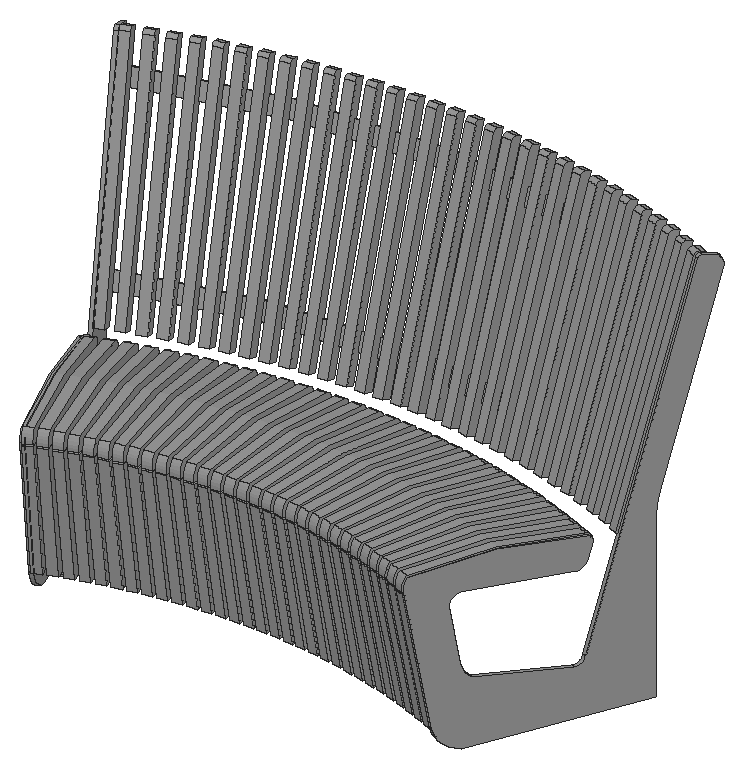
Revit family "Скамейка стальная полукруглая «Авиньон» Арт 15497", category Антураж, Revit 2018
Family settings
  На основе рабочей плоскости = Нет
  Всегда вертикально = Да
  При загрузке вырезать с полостями = Нет
  Источник визуального образа = Геометрия семейства
  Общий = Нет
  Точка расчета площади = Нет
Parameters (values of type "Версия 1,56 м")
  Ширина = 740 mm  # constant formula
  Цвет опоры = Сталь
  Цвет лавки = Дерево
  Описание = if([Версия 1,56 м], "Скамейка стальная полукруглая «Авиньон». Версия 1,56 м", "Скамейка стальная полукруглая «Авиньон». Версия 2,92 м")  # "Скамейка стальная полукруглая «Авиньон». Версия 1,56 м"
  Материал изделия = "Сталь, дерево"  # constant formula
  Изображение типоразмера = Скамейка стальная полукруглая «Авиньон» Арт 15497.jpg
  Изготовитель = "ООО «Хоббика»"  # constant formula
  Длина = if([Версия 1,56 м], 1560 mm, 2920 mm)  # 1560 mm
  Группа модели = "Скамейки"  # constant formula
  Высота = 1000 mm  # constant formula
  Версия 2,92 м = not([Версия 1,56 м])  # no
  Версия 1,56 м = yes
  Артикул товара = "Арт. 15497"  # constant formula
  URL = "https://hobbyka.ru/product/skameyka_so_spinkoy_avinon_polukruglaya/"
Types (3, lengths in mm): name | Описание | Длина | Версия 2,92 м | Версия 1,56 м
  (no name) | "Скамейка стальная полукруглая «Авиньон». Версия 1,56 м" | 1560 | no | yes
  Версия 1,56 м | "Скамейка стальная полукруглая «Авиньон». Версия 1,56 м" | 1560 | no | yes
  Версия 2,92 м | "Скамейка стальная полукруглая «Авиньон». Версия 2,92 м" | 2920 | yes | no
Reference planes
  plane 1 "По центру (Вперед/Назад)": y = 0
  plane 2: z = 0
  plane 3 "По центру (Влево/Вправо)": x = 0
  plane 4: x = 1560
  plane 5: through (-3.492, 517.005, 1200) normal (-0.7071, 0.7071, 0)
  plane 6: through (526.021, 0, 1200) normal (-0.7071, 0.7071, 0)
  plane 7: through (147.058, 0, 1200) normal (-0.3824, 0.924, 0)
  plane 8: through (0, 740, 1200) normal (-0.3824, 0.924, 0)
  plane 9: z = 1000
Dimensions and locks
  "Ширина": plane 8 to plane 7
  "Ширина": plane 5 to plane 6
  "Длина": plane 3 "По центру (Влево/Вправо)" to plane 4
  "Высота": plane 9 to plane 2
  aligned and locked: level to plane 2
Nested families
  nested 1: "Скамейка стальная полукруглая «Авиньон» Арт 15497 1,56" at (0, 0, 0), visible <- "Версия 1,56 м", type "Скамейка стальная полукруглая «Авиньон» Арт 15497 1,56"
  nested 2: "Скамейка стальная полукруглая «Авиньон» Арт 15497 2,92rfa" at (0, 0, 0), visible <- "Версия 2,92 м", type "Скамейка стальная полукруглая «Авиньон» Арт 15497 2,92rfa"
Definition of nested family "Скамейка стальная полукруглая «Авиньон» Арт 15497 1,56"
  Parameters (values of type "Скамейка стальная полукруглая «Авиньон» Арт 15497 1,56")
    Ширина = 740 mm
    Цвет опоры = none
    Цвет лавки = none
    Длина = 1560 mm
    Height = 1000 mm
  Reference planes
    plane 1 "По центру (Вперед/Назад)": y = 0
    plane 2: z = 0
    plane 3 "По центру (Влево/Вправо)": x = 0
    plane 4: x = 1560
    plane 5: y = 740
    plane 6: z = 1000
    plane 7: through (9.24, 743.824, 1200) normal (0.3824, -0.924, 0)
    plane 8: through (284.693, 56.953, 1200) normal (0.3824, -0.924, 0)
  Forms (mm)
    Sweep 1, solid, material <- "Цвет опоры"
      path origin (0, 0, 0) x (1, 0, 0) y (0, 1, 0)
        loop
          arc (1532.955, 700.795) -> (780, 844.836) -> (27.045, 700.795) r 2040
      profile origin (780, 844.836, 0) x (0, -1, 0) y (0, 0, 1)
        loop
          line (4.218, 910.441) -> (17.375, 867.407) -> (22.156, 868.869) -> (8.999, 911.903) -> (4.218, 910.441)
        loop
          line (128.465, 504.008) -> (141.622, 460.975) -> (146.403, 462.436) -> (133.247, 505.47) -> (128.465, 504.008)
  Dimensions and locks
    "Длина": plane 3 "По центру (Влево/Вправо)" to plane 4
    "Height": plane 6 to plane 2
    "Ширина": plane 8 to plane 7
    aligned and locked: level to plane 2
  Automatic sketch dimensions
    plane 1 "По центру (Вперед/Назад)" to Sweep 1 sketch curve = 1195.164 mm
    plane 3 "По центру (Влево/Вправо)" to Sweep 1 sketch curve = 27.045 mm
    Sweep 1 sketch curve to plane 4 = 27.045 mm
    Sweep 1 sketch curve to plane 5 = 39.205 mm
    plane 3 "По центру (Влево/Вправо)" to Sweep 1 sketch curve = 780 mm
    Sweep 1 sketch curve to profile plane = 4.218 mm
    Sweep 1 sketch curve to Sweep 1 sketch curve = 4.782 mm  (x2)
    Sweep 1 sketch curve to profile plane = 17.375 mm
    Sweep 1 sketch curve to profile plane = 128.465 mm
    Sweep 1 sketch curve to Sweep 1 sketch curve = 13.157 mm
    level to Sweep 1 sketch curve = 460.975 mm
    Sweep 1 sketch curve to Sweep 1 sketch curve = 1.462 mm  (x2)
    Sweep 1 sketch curve to Sweep 1 sketch curve = 363.399 mm
  Nested families
    nested 1: "Скамейка стальная полукруглая «Авиньон» Арт 15497 лавка" at (297.62, 62.295, 0) x (0.9286, 0.371, 0) z (0, 0, 1), type "Скамейка стальная полукруглая «Авиньон» Арт 15497 лавка"
    nested 2: "Скамейка стальная полукруглая «Авиньон» Арт 15497 опора" at (287.561, 58.14, 0) x (0.924, 0.3824, 0) z (0, 0, 1), type "Боковая опора"
    nested 3: "Скамейка стальная полукруглая «Авиньон» Арт 15497 опора" at (1272.439, 58.14, 0) x (-0.924, 0.3824, 0) z (0, 0, 1), type "Боковая опора"
    nested 4: "Скамейка стальная полукруглая «Авиньон» Арт 15497 лавка" at (1262.38, 62.295, 0) x (0.9286, -0.371, 0) z (0, 0, 1), type "Скамейка стальная полукруглая «Авиньон» Арт 15497 лавка"
    nested 5: "Скамейка стальная полукруглая «Авиньон» Арт 15497 лавка" at (328.366, 74.13, 0) x (0.9377, 0.3474, 0) z (0, 0, 1), type "Скамейка стальная полукруглая «Авиньон» Арт 15497 лавка"
    nested 6: "Скамейка стальная полукруглая «Авиньон» Арт 15497 лавка" at (359.403, 85.182, 0) x (0.9462, 0.3235, 0) z (0, 0, 1), type "Скамейка стальная полукруглая «Авиньон» Арт 15497 лавка"
    nested 7: "Скамейка стальная полукруглая «Авиньон» Арт 15497 лавка" at (390.709, 95.445, 0) x (0.9541, 0.2994, 0) z (0, 0, 1), type "Скамейка стальная полукруглая «Авиньон» Арт 15497 лавка"
    nested 8: "Скамейка стальная полукруглая «Авиньон» Арт 15497 лавка" at (422.265, 104.911, 0) x (0.9614, 0.2752, 0) z (0, 0, 1), type "Скамейка стальная полукруглая «Авиньон» Арт 15497 лавка"
    nested 9: "Скамейка стальная полукруглая «Авиньон» Арт 15497 лавка" at (454.051, 113.574, 0) x (0.9681, 0.2507, 0) z (0, 0, 1), type "Скамейка стальная полукруглая «Авиньон» Арт 15497 лавка"
    nested 10: "Скамейка стальная полукруглая «Авиньон» Арт 15497 лавка" at (486.047, 121.429, 0) x (0.9741, 0.2261, 0) z (0, 0, 1), type "Скамейка стальная полукруглая «Авиньон» Арт 15497 лавка"
    nested 11: "Скамейка стальная полукруглая «Авиньон» Арт 15497 лавка" at (518.231, 128.471, 0) x (0.9795, 0.2013, 0) z (0, 0, 1), type "Скамейка стальная полукруглая «Авиньон» Арт 15497 лавка"
    nested 12: "Скамейка стальная полукруглая «Авиньон» Арт 15497 лавка" at (550.583, 134.695, 0) x (0.9843, 0.1765, 0) z (0, 0, 1), type "Скамейка стальная полукруглая «Авиньон» Арт 15497 лавка"
    nested 13: "Скамейка стальная полукруглая «Авиньон» Арт 15497 лавка" at (583.083, 140.097, 0) x (0.9885, 0.1515, 0) z (0, 0, 1), type "Скамейка стальная полукруглая «Авиньон» Арт 15497 лавка"
    nested 14: "Скамейка стальная полукруглая «Авиньон» Арт 15497 лавка" at (615.709, 144.674, 0) x (0.992, 0.1264, 0) z (0, 0, 1), type "Скамейка стальная полукруглая «Авиньон» Арт 15497 лавка"
    nested 15: "Скамейка стальная полукруглая «Авиньон» Арт 15497 лавка" at (648.44, 148.423, 0) x (0.9949, 0.1012, 0) z (0, 0, 1), type "Скамейка стальная полукруглая «Авиньон» Арт 15497 лавка"
    nested 16: "Скамейка стальная полукруглая «Авиньон» Арт 15497 лавка" at (681.256, 151.342, 0) x (0.9971, 0.076, 0) z (0, 0, 1), type "Скамейка стальная полукруглая «Авиньон» Арт 15497 лавка"
    nested 17: "Скамейка стальная полукруглая «Авиньон» Арт 15497 лавка" at (714.135, 153.427, 0) x (0.9987, 0.0507, 0) z (0, 0, 1), type "Скамейка стальная полукруглая «Авиньон» Арт 15497 лавка"
    nested 18: "Скамейка стальная полукруглая «Авиньон» Арт 15497 лавка" at (747.057, 154.679, 0) x (0.9997, 0.0253, 0) z (0, 0, 1), type "Скамейка стальная полукруглая «Авиньон» Арт 15497 лавка"
    nested 19: "Скамейка стальная полукруглая «Авиньон» Арт 15497 лавка" at (780, 155.097, 0), type "Скамейка стальная полукруглая «Авиньон» Арт 15497 лавка"
    nested 20: "Скамейка стальная полукруглая «Авиньон» Арт 15497 лавка" at (812.943, 154.679, 0) x (0.9997, -0.0253, 0) z (0, 0, 1), type "Скамейка стальная полукруглая «Авиньон» Арт 15497 лавка"
    nested 21: "Скамейка стальная полукруглая «Авиньон» Арт 15497 лавка" at (845.865, 153.427, 0) x (0.9987, -0.0507, 0) z (0, 0, 1), type "Скамейка стальная полукруглая «Авиньон» Арт 15497 лавка"
    nested 22: "Скамейка стальная полукруглая «Авиньон» Арт 15497 лавка" at (878.744, 151.342, 0) x (0.9971, -0.076, 0) z (0, 0, 1), type "Скамейка стальная полукруглая «Авиньон» Арт 15497 лавка"
    nested 23: "Скамейка стальная полукруглая «Авиньон» Арт 15497 лавка" at (911.56, 148.423, 0) x (0.9949, -0.1012, 0) z (0, 0, 1), type "Скамейка стальная полукруглая «Авиньон» Арт 15497 лавка"
    nested 24: "Скамейка стальная полукруглая «Авиньон» Арт 15497 лавка" at (944.291, 144.674, 0) x (0.992, -0.1264, 0) z (0, 0, 1), type "Скамейка стальная полукруглая «Авиньон» Арт 15497 лавка"
    nested 25: "Скамейка стальная полукруглая «Авиньон» Арт 15497 лавка" at (976.917, 140.097, 0) x (0.9885, -0.1515, 0) z (0, 0, 1), type "Скамейка стальная полукруглая «Авиньон» Арт 15497 лавка"
    nested 26: "Скамейка стальная полукруглая «Авиньон» Арт 15497 лавка" at (1009.417, 134.695, 0) x (0.9843, -0.1765, 0) z (0, 0, 1), type "Скамейка стальная полукруглая «Авиньон» Арт 15497 лавка"
    nested 27: "Скамейка стальная полукруглая «Авиньон» Арт 15497 лавка" at (1041.769, 128.471, 0) x (0.9795, -0.2013, 0) z (0, 0, 1), type "Скамейка стальная полукруглая «Авиньон» Арт 15497 лавка"
    nested 28: "Скамейка стальная полукруглая «Авиньон» Арт 15497 лавка" at (1073.953, 121.429, 0) x (0.9741, -0.2261, 0) z (0, 0, 1), type "Скамейка стальная полукруглая «Авиньон» Арт 15497 лавка"
    nested 29: "Скамейка стальная полукруглая «Авиньон» Арт 15497 лавка" at (1105.949, 113.574, 0) x (0.9681, -0.2507, 0) z (0, 0, 1), type "Скамейка стальная полукруглая «Авиньон» Арт 15497 лавка"
    nested 30: "Скамейка стальная полукруглая «Авиньон» Арт 15497 лавка" at (1137.735, 104.911, 0) x (0.9614, -0.2752, 0) z (0, 0, 1), type "Скамейка стальная полукруглая «Авиньон» Арт 15497 лавка"
    nested 31: "Скамейка стальная полукруглая «Авиньон» Арт 15497 лавка" at (1169.291, 95.445, 0) x (0.9541, -0.2994, 0) z (0, 0, 1), type "Скамейка стальная полукруглая «Авиньон» Арт 15497 лавка"
    nested 32: "Скамейка стальная полукруглая «Авиньон» Арт 15497 лавка" at (1200.597, 85.182, 0) x (0.9462, -0.3235, 0) z (0, 0, 1), type "Скамейка стальная полукруглая «Авиньон» Арт 15497 лавка"
    nested 33: "Скамейка стальная полукруглая «Авиньон» Арт 15497 лавка" at (1231.634, 74.13, 0) x (0.9377, -0.3474, 0) z (0, 0, 1), type "Скамейка стальная полукруглая «Авиньон» Арт 15497 лавка"
  Definition of nested family "Скамейка стальная полукруглая «Авиньон» Арт 15497 лавка"
    Parameters (values of type "Скамейка стальная полукруглая «Авиньон» Арт 15497 лавка")
      Цвет лавки = none
      Средняя опора = yes
      Height = 0 mm
    Reference planes
      plane 1 "По центру (Вперед/Назад)": y = 0
      plane 2: z = 0
      plane 3 "По центру (Влево/Вправо)": x = 0
      plane 4: y = 740
      plane 5: z = 1000
    Forms (mm)
      Extrusion 1, solid, material <- "Цвет лавки"
        sketch origin (0, 0, 0) x (0, 1, 0) y (0, 0, 1)
          loop
            line (678.311, 993.337) -> (496.814, 399.69) -> (520.884, 392.331) -> (705.277, 995.455) -> (690.933, 999.84)
            arc (690.933, 999.84) -> (683.544, 998.68) -> (678.311, 993.337) r 11.889
          loop
            arc (426.869, 418.689) -> (218.4, 444.329) -> (8.61, 434.079) r 1228.4
            arc (8.61, 434.079) -> (-0.886, 417.506) -> (-1.754, 398.424) r 40.606
            line (-1.754, 398.424) -> (23.714, 398.424) -> (22.787, 403.194)
            arc (22.787, 403.194) -> (22.522, 407.007) -> (23.193, 410.77) r 15.606
            arc (23.193, 410.77) -> (230.724, 418.786) -> (436.542, 391) r 1203.4
            arc (436.542, 391) -> (439.511, 407.571) -> (426.869, 418.689) r 17.14
          loop
            line (-0.782, 393.424) -> (63.475, 62.851) -> (88.016, 67.621) -> (24.686, 393.424) -> (-0.782, 393.424)
        from -12.5 to 12.5
    Dimensions and locks
      aligned and locked: level to plane 2
  Definition of nested family "Скамейка стальная полукруглая «Авиньон» Арт 15497 опора"
    Parameters (values of type "Боковая опора")
      Цвет опоры = none
      Средняя опора = no
      Height = 0 mm
      Боковая опора = yes
    Types (2, lengths in mm): name | Средняя опора | Боковая опора
      Боковая опора | no | yes
      Средняя опора | yes | no
    Reference planes
      plane 1 "По центру (Вперед/Назад)": y = 0
      plane 2: z = 0
      plane 3 "По центру (Влево/Вправо)": x = 0
      plane 4: y = 740
      plane 5: z = 1000
    Forms (mm)
      Extrusion 1, solid, material <- "Цвет опоры"
        sketch origin (0, 0, 0) x (0, 1, 0) y (0, 0, 1)
          loop
            arc (738.679, 955.127) -> (738.97, 971.792) -> (730.385, 986.079) r 30.235
            line (730.385, 986.079) -> (693.433, 997.376)
            arc (693.433, 997.376) -> (686.044, 996.216) -> (680.811, 990.873) r 11.889
            line (680.811, 990.873) -> (420.563, 139.641)
            arc (420.563, 139.641) -> (412.761, 123.804) -> (395.675, 119.356) r 21.213
            line (395.675, 119.356) -> (159.428, 161.012)
            arc (159.428, 161.012) -> (140.659, 178.515) -> (130.631, 202.139) r 61.718
            line (130.631, 202.139) -> (104.173, 338.254)
            arc (104.173, 338.254) -> (113.199, 357.895) -> (133.454, 365.443) r 28.314
            arc (133.454, 365.443) -> (265.752, 357.352) -> (397.446, 342.347) r 2531.72
            arc (397.446, 342.347) -> (415.686, 346.391) -> (426.799, 361.41) r 26.674
            line (426.799, 361.41) -> (437.825, 399.86)
            arc (437.825, 399.86) -> (435.322, 410.316) -> (426.353, 416.243) r 14.64
            arc (426.353, 416.243) -> (218.757, 441.814) -> (9.835, 431.722) r 1225.9
            arc (9.835, 431.722) -> (1.395, 416.389) -> (0.7, 398.901) r 38.106
            line (0.7, 398.901) -> (65.929, 63.328)
            arc (65.929, 63.328) -> (97.787, 17.58) -> (150.69, 0) r 88.388
            line (150.69, 0) -> (584.723, 0) -> (584.723, 422.383)
            arc (584.723, 422.383) -> (588.693, 457.223) -> (596.879, 491.319) r 287.193
            line (596.879, 491.319) -> (738.679, 955.127)
        from -5 to 5
      Extrusion 2, solid, material <- "Цвет опоры", visible <- "Боковая опора"
        sketch origin (-5, 0, 0) x (1, 0, 0) y (0, 1, 0)
          loop
            line (10, 584.723) -> (10, 175.69) -> (60, 175.69) -> (60, 584.723) -> (10, 584.723)
        from 0 to 5
      Extrusion 3, solid, material <- "Цвет опоры", visible <- "Средняя опора"
        sketch origin (0, 0, 0) x (1, 0, 0) y (0, 1, 0)
          loop
            line (-25, 584.723) -> (-25, 175.69) -> (25, 175.69) -> (25, 584.723) -> (-25, 584.723)
        from 0 to 5
    Dimensions and locks
      aligned and locked: level to plane 2
Definition of nested family "Скамейка стальная полукруглая «Авиньон» Арт 15497 2,92rfa"
  Parameters (values of type "Скамейка стальная полукруглая «Авиньон» Арт 15497 2,92rfa")
    Ширина = 740 mm
    Цвет опоры = none
    Цвет лавки = none
    Длина = 2920 mm
    Height = 1000 mm
  Reference planes
    plane 1 "По центру (Вперед/Назад)": y = 0
    plane 2: z = 0
    plane 3 "По центру (Влево/Вправо)": x = 0
    plane 4: x = 2920
    plane 5: y = 740
    plane 6: z = 1000
    plane 7: through (3.492, 523.989, 1200) normal (0.7071, -0.7071, 0)
    plane 8: through (529.604, 3.583, 1200) normal (0.7071, -0.7071, 0)
  Forms (mm)
    Sweep 1, solid, material <- "Цвет опоры"
      path origin (0, 0, 0) x (1, 0, 0) y (0, 1, 0)
        loop
          arc (36.82, 491.465) -> (1460, 1089.063) -> (2883.18, 491.465) r 1993.453
      profile origin (1460, 1089.063, 0) x (0, 1, 0) y (0, 0, 1)
        loop
          line (-7.818, 910.441) -> (-12.599, 911.903) -> (-25.756, 868.869) -> (-20.975, 867.407) -> (-7.818, 910.441)
        loop
          line (-132.065, 504.008) -> (-136.847, 505.47) -> (-150.003, 462.436) -> (-145.222, 460.975) -> (-132.065, 504.008)
  Dimensions and locks
    "Длина": plane 3 "По центру (Влево/Вправо)" to plane 4
    "Height": plane 6 to plane 2
    "Ширина": plane 8 to plane 7
    aligned and locked: level to plane 2
  Automatic sketch dimensions
    profile plane to Sweep 1 sketch curve = 150.003 mm
    Sweep 1 sketch curve to Sweep 1 sketch curve = 4.782 mm  (x2)
    Sweep 1 sketch curve to Sweep 1 sketch curve = 13.157 mm  (x2)
    profile plane to Sweep 1 sketch curve = 25.756 mm
    level to Sweep 1 sketch curve = 460.975 mm
    Sweep 1 sketch curve to Sweep 1 sketch curve = 1.462 mm  (x2)
    Sweep 1 sketch curve to Sweep 1 sketch curve = 363.399 mm
    plane 3 "По центру (Влево/Вправо)" to Sweep 1 sketch curve = 36.82 mm
    Sweep 1 sketch curve to plane 4 = 36.82 mm
    Sweep 1 sketch curve to plane 5 = 248.535 mm
    plane 1 "По центру (Вперед/Назад)" to Sweep 1 sketch curve = 904.391 mm
    plane 3 "По центру (Влево/Вправо)" to Sweep 1 sketch curve = 1460 mm
  Nested families
    nested 1: "Скамейка стальная полукруглая «Авиньон» Арт 15497 лавка" at (542.354, 16.558, 0) x (0.7084, 0.7058, 0) z (0, 0, 1), type "Скамейка стальная полукруглая «Авиньон» Арт 15497 лавка"
    nested 2: "Скамейка стальная полукруглая «Авиньон» Арт 15497 опора" at (529.608, 3.578, 0) x (0.6984, 0.7157, 0) z (0, 0, 1), type "Боковая опора"
    nested 3: "Скамейка стальная полукруглая «Авиньон» Арт 15497 опора" at (2390.392, 3.578, 0) x (-0.6984, 0.7157, 0) z (0, 0, 1), type "Боковая опора"
    nested 4: "Скамейка стальная полукруглая «Авиньон» Арт 15497 опора" at (1460, 395.63, 0), type "Средняя опора"
    nested 5: "Скамейка стальная полукруглая «Авиньон» Арт 15497 лавка" at (2377.646, 16.558, 0) x (0.7084, -0.7058, 0) z (0, 0, 1), type "Скамейка стальная полукруглая «Авиньон» Арт 15497 лавка"
    nested 6: "Скамейка стальная полукруглая «Авиньон» Арт 15497 лавка" at (568.019, 41.437, 0) x (0.7275, 0.6861, 0) z (0, 0, 1), type "Скамейка стальная полукруглая «Авиньон» Арт 15497 лавка"
    nested 7: "Скамейка стальная полукруглая «Авиньон» Арт 15497 лавка" at (594.358, 65.602, 0) x (0.7461, 0.6658, 0) z (0, 0, 1), type "Скамейка стальная полукруглая «Авиньон» Арт 15497 лавка"
    nested 8: "Скамейка стальная полукруглая «Авиньон» Арт 15497 лавка" at (621.351, 89.033, 0) x (0.7641, 0.6451, 0) z (0, 0, 1), type "Скамейка стальная полукруглая «Авиньон» Арт 15497 лавка"
    nested 9: "Скамейка стальная полукруглая «Авиньон» Арт 15497 лавка" at (648.979, 111.714, 0) x (0.7816, 0.6238, 0) z (0, 0, 1), type "Скамейка стальная полукруглая «Авиньон» Арт 15497 лавка"
    nested 10: "Скамейка стальная полукруглая «Авиньон» Арт 15497 лавка" at (677.219, 133.626, 0) x (0.7984, 0.6021, 0) z (0, 0, 1), type "Скамейка стальная полукруглая «Авиньон» Арт 15497 лавка"
    nested 11: "Скамейка стальная полукруглая «Авиньон» Арт 15497 лавка" at (706.051, 154.754, 0) x (0.8147, 0.5799, 0) z (0, 0, 1), type "Скамейка стальная полукруглая «Авиньон» Арт 15497 лавка"
    nested 12: "Скамейка стальная полукруглая «Авиньон» Арт 15497 лавка" at (735.453, 175.081, 0) x (0.8303, 0.5573, 0) z (0, 0, 1), type "Скамейка стальная полукруглая «Авиньон» Арт 15497 лавка"
    nested 13: "Скамейка стальная полукруглая «Авиньон» Арт 15497 лавка" at (765.403, 194.592, 0) x (0.8453, 0.5343, 0) z (0, 0, 1), type "Скамейка стальная полукруглая «Авиньон» Арт 15497 лавка"
    nested 14: "Скамейка стальная полукруглая «Авиньон» Арт 15497 лавка" at (795.878, 213.272, 0) x (0.8597, 0.5108, 0) z (0, 0, 1), type "Скамейка стальная полукруглая «Авиньон» Арт 15497 лавка"
    nested 15: "Скамейка стальная полукруглая «Авиньон» Арт 15497 лавка" at (826.855, 231.108, 0) x (0.8734, 0.487, 0) z (0, 0, 1), type "Скамейка стальная полукруглая «Авиньон» Арт 15497 лавка"
    nested 16: "Скамейка стальная полукруглая «Авиньон» Арт 15497 лавка" at (858.311, 248.085, 0) x (0.8865, 0.4628, 0) z (0, 0, 1), type "Скамейка стальная полукруглая «Авиньон» Арт 15497 лавка"
    nested 17: "Скамейка стальная полукруглая «Авиньон» Арт 15497 лавка" at (890.221, 264.191, 0) x (0.8988, 0.4383, 0) z (0, 0, 1), type "Скамейка стальная полукруглая «Авиньон» Арт 15497 лавка"
    nested 18: "Скамейка стальная полукруглая «Авиньон» Арт 15497 лавка" at (922.562, 279.413, 0) x (0.9106, 0.4134, 0) z (0, 0, 1), type "Скамейка стальная полукруглая «Авиньон» Арт 15497 лавка"
    nested 19: "Скамейка стальная полукруглая «Авиньон» Арт 15497 лавка" at (955.31, 293.741, 0) x (0.9216, 0.3882, 0) z (0, 0, 1), type "Скамейка стальная полукруглая «Авиньон» Арт 15497 лавка"
    nested 20: "Скамейка стальная полукруглая «Авиньон» Арт 15497 лавка" at (988.438, 307.163, 0) x (0.9319, 0.3627, 0) z (0, 0, 1), type "Скамейка стальная полукруглая «Авиньон» Арт 15497 лавка"
    nested 21: "Скамейка стальная полукруглая «Авиньон» Арт 15497 лавка" at (1021.924, 319.669, 0) x (0.9415, 0.337, 0) z (0, 0, 1), type "Скамейка стальная полукруглая «Авиньон» Арт 15497 лавка"
    nested 22: "Скамейка стальная полукруглая «Авиньон» Арт 15497 лавка" at (1055.74, 331.25, 0) x (0.9504, 0.311, 0) z (0, 0, 1), type "Скамейка стальная полукруглая «Авиньон» Арт 15497 лавка"
    nested 23: "Скамейка стальная полукруглая «Авиньон» Арт 15497 лавка" at (1089.862, 341.896, 0) x (0.9586, 0.2847, 0) z (0, 0, 1), type "Скамейка стальная полукруглая «Авиньон» Арт 15497 лавка"
    nested 24: "Скамейка стальная полукруглая «Авиньон» Арт 15497 лавка" at (1124.264, 351.601, 0) x (0.9661, 0.2582, 0) z (0, 0, 1), type "Скамейка стальная полукруглая «Авиньон» Арт 15497 лавка"
    nested 25: "Скамейка стальная полукруглая «Авиньон» Арт 15497 лавка" at (1158.92, 360.356, 0) x (0.9728, 0.2316, 0) z (0, 0, 1), type "Скамейка стальная полукруглая «Авиньон» Арт 15497 лавка"
    nested 26: "Скамейка стальная полукруглая «Авиньон» Арт 15497 лавка" at (1193.803, 368.155, 0) x (0.9788, 0.2048, 0) z (0, 0, 1), type "Скамейка стальная полукруглая «Авиньон» Арт 15497 лавка"
    nested 27: "Скамейка стальная полукруглая «Авиньон» Арт 15497 лавка" at (1228.888, 374.993, 0) x (0.9841, 0.1778, 0) z (0, 0, 1), type "Скамейка стальная полукруглая «Авиньон» Арт 15497 лавка"
    nested 28: "Скамейка стальная полукруглая «Авиньон» Арт 15497 лавка" at (1264.147, 380.863, 0) x (0.9886, 0.1506, 0) z (0, 0, 1), type "Скамейка стальная полукруглая «Авиньон» Арт 15497 лавка"
    nested 29: "Скамейка стальная полукруглая «Авиньон» Арт 15497 лавка" at (1299.555, 385.761, 0) x (0.9924, 0.1234, 0) z (0, 0, 1), type "Скамейка стальная полукруглая «Авиньон» Арт 15497 лавка"
    nested 30: "Скамейка стальная полукруглая «Авиньон» Арт 15497 лавка" at (1335.083, 389.685, 0) x (0.9954, 0.0961, 0) z (0, 0, 1), type "Скамейка стальная полукруглая «Авиньон» Арт 15497 лавка"
    nested 31: "Скамейка стальная полукруглая «Авиньон» Арт 15497 лавка" at (1370.706, 392.63, 0) x (0.9976, 0.0687, 0) z (0, 0, 1), type "Скамейка стальная полукруглая «Авиньон» Арт 15497 лавка"
    nested 32: "Скамейка стальная полукруглая «Авиньон» Арт 15497 лавка" at (1406.397, 394.594, 0) x (0.9991, 0.0412, 0) z (0, 0, 1), type "Скамейка стальная полукруглая «Авиньон» Арт 15497 лавка"
    nested 33: "Скамейка стальная полукруглая «Авиньон» Арт 15497 лавка" at (1442.128, 395.577, 0) x (0.9999, 0.0137, 0) z (0, 0, 1), type "Скамейка стальная полукруглая «Авиньон» Арт 15497 лавка"
    nested 34: "Скамейка стальная полукруглая «Авиньон» Арт 15497 лавка" at (1477.872, 395.577, 0) x (0.9999, -0.0137, 0) z (0, 0, 1), type "Скамейка стальная полукруглая «Авиньон» Арт 15497 лавка"
    nested 35: "Скамейка стальная полукруглая «Авиньон» Арт 15497 лавка" at (1513.603, 394.594, 0) x (0.9991, -0.0412, 0) z (0, 0, 1), type "Скамейка стальная полукруглая «Авиньон» Арт 15497 лавка"
    nested 36: "Скамейка стальная полукруглая «Авиньон» Арт 15497 лавка" at (1549.294, 392.63, 0) x (0.9976, -0.0687, 0) z (0, 0, 1), type "Скамейка стальная полукруглая «Авиньон» Арт 15497 лавка"
    nested 37: "Скамейка стальная полукруглая «Авиньон» Арт 15497 лавка" at (1584.917, 389.685, 0) x (0.9954, -0.0961, 0) z (0, 0, 1), type "Скамейка стальная полукруглая «Авиньон» Арт 15497 лавка"
    nested 38: "Скамейка стальная полукруглая «Авиньон» Арт 15497 лавка" at (1620.445, 385.761, 0) x (0.9924, -0.1234, 0) z (0, 0, 1), type "Скамейка стальная полукруглая «Авиньон» Арт 15497 лавка"
    nested 39: "Скамейка стальная полукруглая «Авиньон» Арт 15497 лавка" at (1655.853, 380.863, 0) x (0.9886, -0.1506, 0) z (0, 0, 1), type "Скамейка стальная полукруглая «Авиньон» Арт 15497 лавка"
    nested 40: "Скамейка стальная полукруглая «Авиньон» Арт 15497 лавка" at (1691.112, 374.993, 0) x (0.9841, -0.1778, 0) z (0, 0, 1), type "Скамейка стальная полукруглая «Авиньон» Арт 15497 лавка"
    nested 41: "Скамейка стальная полукруглая «Авиньон» Арт 15497 лавка" at (1726.197, 368.155, 0) x (0.9788, -0.2048, 0) z (0, 0, 1), type "Скамейка стальная полукруглая «Авиньон» Арт 15497 лавка"
    nested 42: "Скамейка стальная полукруглая «Авиньон» Арт 15497 лавка" at (1761.08, 360.356, 0) x (0.9728, -0.2316, 0) z (0, 0, 1), type "Скамейка стальная полукруглая «Авиньон» Арт 15497 лавка"
    nested 43: "Скамейка стальная полукруглая «Авиньон» Арт 15497 лавка" at (1795.736, 351.601, 0) x (0.9661, -0.2582, 0) z (0, 0, 1), type "Скамейка стальная полукруглая «Авиньон» Арт 15497 лавка"
    nested 44: "Скамейка стальная полукруглая «Авиньон» Арт 15497 лавка" at (1830.138, 341.896, 0) x (0.9586, -0.2847, 0) z (0, 0, 1), type "Скамейка стальная полукруглая «Авиньон» Арт 15497 лавка"
    nested 45: "Скамейка стальная полукруглая «Авиньон» Арт 15497 лавка" at (1864.26, 331.25, 0) x (0.9504, -0.311, 0) z (0, 0, 1), type "Скамейка стальная полукруглая «Авиньон» Арт 15497 лавка"
    nested 46: "Скамейка стальная полукруглая «Авиньон» Арт 15497 лавка" at (1898.076, 319.669, 0) x (0.9415, -0.337, 0) z (0, 0, 1), type "Скамейка стальная полукруглая «Авиньон» Арт 15497 лавка"
    nested 47: "Скамейка стальная полукруглая «Авиньон» Арт 15497 лавка" at (1931.562, 307.163, 0) x (0.9319, -0.3627, 0) z (0, 0, 1), type "Скамейка стальная полукруглая «Авиньон» Арт 15497 лавка"
    nested 48: "Скамейка стальная полукруглая «Авиньон» Арт 15497 лавка" at (1964.69, 293.741, 0) x (0.9216, -0.3882, 0) z (0, 0, 1), type "Скамейка стальная полукруглая «Авиньон» Арт 15497 лавка"
    nested 49: "Скамейка стальная полукруглая «Авиньон» Арт 15497 лавка" at (1997.438, 279.413, 0) x (0.9106, -0.4134, 0) z (0, 0, 1), type "Скамейка стальная полукруглая «Авиньон» Арт 15497 лавка"
    nested 50: "Скамейка стальная полукруглая «Авиньон» Арт 15497 лавка" at (2029.779, 264.191, 0) x (0.8988, -0.4383, 0) z (0, 0, 1), type "Скамейка стальная полукруглая «Авиньон» Арт 15497 лавка"
    nested 51: "Скамейка стальная полукруглая «Авиньон» Арт 15497 лавка" at (2061.689, 248.085, 0) x (0.8865, -0.4628, 0) z (0, 0, 1), type "Скамейка стальная полукруглая «Авиньон» Арт 15497 лавка"
    nested 52: "Скамейка стальная полукруглая «Авиньон» Арт 15497 лавка" at (2093.145, 231.108, 0) x (0.8734, -0.487, 0) z (0, 0, 1), type "Скамейка стальная полукруглая «Авиньон» Арт 15497 лавка"
    nested 53: "Скамейка стальная полукруглая «Авиньон» Арт 15497 лавка" at (2124.122, 213.272, 0) x (0.8597, -0.5108, 0) z (0, 0, 1), type "Скамейка стальная полукруглая «Авиньон» Арт 15497 лавка"
    nested 54: "Скамейка стальная полукруглая «Авиньон» Арт 15497 лавка" at (2154.597, 194.592, 0) x (0.8453, -0.5343, 0) z (0, 0, 1), type "Скамейка стальная полукруглая «Авиньон» Арт 15497 лавка"
    nested 55: "Скамейка стальная полукруглая «Авиньон» Арт 15497 лавка" at (2184.547, 175.081, 0) x (0.8303, -0.5573, 0) z (0, 0, 1), type "Скамейка стальная полукруглая «Авиньон» Арт 15497 лавка"
    nested 56: "Скамейка стальная полукруглая «Авиньон» Арт 15497 лавка" at (2213.949, 154.754, 0) x (0.8147, -0.5799, 0) z (0, 0, 1), type "Скамейка стальная полукруглая «Авиньон» Арт 15497 лавка"
    nested 57: "Скамейка стальная полукруглая «Авиньон» Арт 15497 лавка" at (2242.781, 133.626, 0) x (0.7984, -0.6021, 0) z (0, 0, 1), type "Скамейка стальная полукруглая «Авиньон» Арт 15497 лавка"
    nested 58: "Скамейка стальная полукруглая «Авиньон» Арт 15497 лавка" at (2271.021, 111.714, 0) x (0.7816, -0.6238, 0) z (0, 0, 1), type "Скамейка стальная полукруглая «Авиньон» Арт 15497 лавка"
    nested 59: "Скамейка стальная полукруглая «Авиньон» Арт 15497 лавка" at (2298.649, 89.033, 0) x (0.7641, -0.6451, 0) z (0, 0, 1), type "Скамейка стальная полукруглая «Авиньон» Арт 15497 лавка"
    nested 60: "Скамейка стальная полукруглая «Авиньон» Арт 15497 лавка" at (2325.642, 65.602, 0) x (0.7461, -0.6658, 0) z (0, 0, 1), type "Скамейка стальная полукруглая «Авиньон» Арт 15497 лавка"
    nested 61: "Скамейка стальная полукруглая «Авиньон» Арт 15497 лавка" at (2351.981, 41.437, 0) x (0.7275, -0.6861, 0) z (0, 0, 1), type "Скамейка стальная полукруглая «Авиньон» Арт 15497 лавка"
  Definition of nested family "Скамейка стальная полукруглая «Авиньон» Арт 15497 лавка"
    Parameters (values of type "Скамейка стальная полукруглая «Авиньон» Арт 15497 лавка")
      Цвет лавки = none
      Средняя опора = yes
      Height = 0 mm
    Reference planes
      plane 1 "По центру (Вперед/Назад)": y = 0
      plane 2: z = 0
      plane 3 "По центру (Влево/Вправо)": x = 0
      plane 4: y = 740
      plane 5: z = 1000
    Forms (mm)
      Extrusion 1, solid, material <- "Цвет лавки"
        sketch origin (0, 0, 0) x (0, 1, 0) y (0, 0, 1)
          loop
            line (678.311, 993.337) -> (496.814, 399.69) -> (520.884, 392.331) -> (705.277, 995.455) -> (690.933, 999.84)
            arc (690.933, 999.84) -> (683.544, 998.68) -> (678.311, 993.337) r 11.889
          loop
            arc (426.869, 418.689) -> (218.4, 444.329) -> (8.61, 434.079) r 1228.4
            arc (8.61, 434.079) -> (-0.886, 417.506) -> (-1.754, 398.424) r 40.606
            line (-1.754, 398.424) -> (23.714, 398.424) -> (22.787, 403.194)
            arc (22.787, 403.194) -> (22.522, 407.007) -> (23.193, 410.77) r 15.606
            arc (23.193, 410.77) -> (230.724, 418.786) -> (436.542, 391) r 1203.4
            arc (436.542, 391) -> (439.511, 407.571) -> (426.869, 418.689) r 17.14
          loop
            line (-0.782, 393.424) -> (63.475, 62.851) -> (88.016, 67.621) -> (24.686, 393.424) -> (-0.782, 393.424)
        from -12.5 to 12.5
    Dimensions and locks
      aligned and locked: level to plane 2
  Definition of nested family "Скамейка стальная полукруглая «Авиньон» Арт 15497 опора"
    Parameters (values of type "Боковая опора")
      Цвет опоры = none
      Средняя опора = no
      Height = 0 mm
      Боковая опора = yes
    Types (2, lengths in mm): name | Средняя опора | Боковая опора
      Боковая опора | no | yes
      Средняя опора | yes | no
    Reference planes
      plane 1 "По центру (Вперед/Назад)": y = 0
      plane 2: z = 0
      plane 3 "По центру (Влево/Вправо)": x = 0
      plane 4: y = 740
      plane 5: z = 1000
    Forms (mm)
      Extrusion 1, solid, material <- "Цвет опоры"
        sketch origin (0, 0, 0) x (0, 1, 0) y (0, 0, 1)
          loop
            arc (738.679, 955.127) -> (738.97, 971.792) -> (730.385, 986.079) r 30.235
            line (730.385, 986.079) -> (693.433, 997.376)
            arc (693.433, 997.376) -> (686.044, 996.216) -> (680.811, 990.873) r 11.889
            line (680.811, 990.873) -> (420.563, 139.641)
            arc (420.563, 139.641) -> (412.761, 123.804) -> (395.675, 119.356) r 21.213
            line (395.675, 119.356) -> (159.428, 161.012)
            arc (159.428, 161.012) -> (140.659, 178.515) -> (130.631, 202.139) r 61.718
            line (130.631, 202.139) -> (104.173, 338.254)
            arc (104.173, 338.254) -> (113.199, 357.895) -> (133.454, 365.443) r 28.314
            arc (133.454, 365.443) -> (265.752, 357.352) -> (397.446, 342.347) r 2531.72
            arc (397.446, 342.347) -> (415.686, 346.391) -> (426.799, 361.41) r 26.674
            line (426.799, 361.41) -> (437.825, 399.86)
            arc (437.825, 399.86) -> (435.322, 410.316) -> (426.353, 416.243) r 14.64
            arc (426.353, 416.243) -> (218.757, 441.814) -> (9.835, 431.722) r 1225.9
            arc (9.835, 431.722) -> (1.395, 416.389) -> (0.7, 398.901) r 38.106
            line (0.7, 398.901) -> (65.929, 63.328)
            arc (65.929, 63.328) -> (97.787, 17.58) -> (150.69, 0) r 88.388
            line (150.69, 0) -> (584.723, 0) -> (584.723, 422.383)
            arc (584.723, 422.383) -> (588.693, 457.223) -> (596.879, 491.319) r 287.193
            line (596.879, 491.319) -> (738.679, 955.127)
        from -5 to 5
      Extrusion 2, solid, material <- "Цвет опоры", visible <- "Боковая опора"
        sketch origin (-5, 0, 0) x (1, 0, 0) y (0, 1, 0)
          loop
            line (10, 584.723) -> (10, 175.69) -> (60, 175.69) -> (60, 584.723) -> (10, 584.723)
        from 0 to 5
      Extrusion 3, solid, material <- "Цвет опоры", visible <- "Средняя опора"
        sketch origin (0, 0, 0) x (1, 0, 0) y (0, 1, 0)
          loop
            line (-25, 584.723) -> (-25, 175.69) -> (25, 175.69) -> (25, 584.723) -> (-25, 584.723)
        from 0 to 5
    Dimensions and locks
      aligned and locked: level to plane 2
